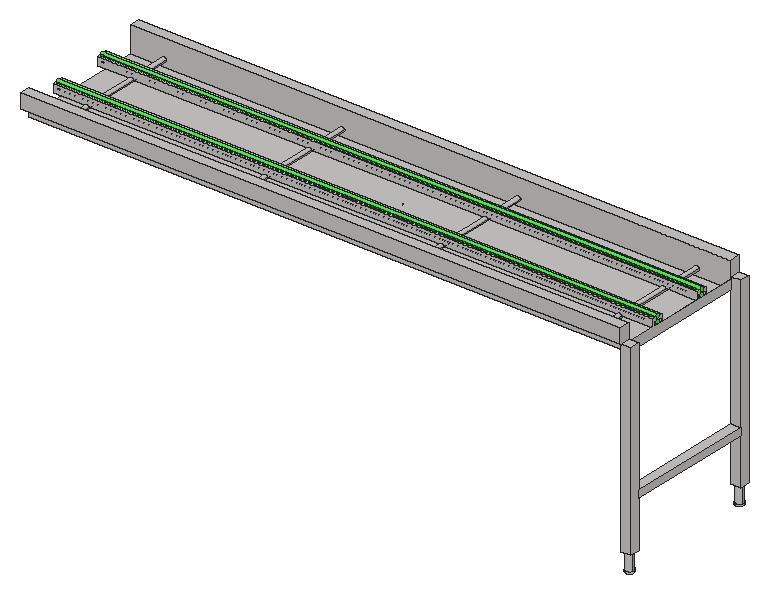
Revit family "QF_ELECTROLUXPROFESSIONAL_863163_HSBCC25", category Specialty Equipment, Revit 2018
Family settings
  Round Connector Dimension = Use Diameter
  Part Type = Normal
  Work Plane-Based = No
  Always vertical = Yes
  Cut with Voids When Loaded = No
  Shared = No
  Room Calculation Point = No
Parameters
  Weight = 0.00 kg
  Watts = 0 W
  Volts = 0 V
  URL Manufacturer = "http://professional.electrolux.com"
  URL = "http://professional.electrolux.com"
  Steam Supply Size = 0 mm
  Steam Supply Minimum Pressure = 0.0 Pa
  Steam Supply Maximum Pressure = 0.0 Pa
  Steam Pounds per Hour = 0
  Refrigeration Suction Line Size = 0 mm
  Refrigeration Liquid Line Size = 0 mm
  Refrigerant Compressor Remote = yes
  Manufacturer = "Electrolux"
  Phase = 0
  Model = "HSBCC25"
  Length Actual = 2500 mm  # constant formula
  Item Number = "863163"
  Hot Water Size = 0 mm
  Height Actual = 910 mm  # constant formula
  HP = "0 HP"
  Gas Size = 0 mm
  Gas KW = 0
  Gas Input Pressure = 0 W
  Description = "CORD CONVEYOR FOR BASKETS, L=2500 MM"
  Depth Actual = 620 mm  # constant formula
  Cycle = 0 Hz
  Condensate Return Size = 0 mm
  Compressed Air Volume = 0.0 L/s
  Compressed Air Size = 0 mm
  Compressed Air Pressure = 0.0 Pa
  Cold Water Size = 0 mm
  Accessory = yes
Reference planes
  plane 1 "Centro (Fronte/Retro)": y = 74.737
  plane 2: z = 0
  plane 3 "LEFT": x = -2938.761
  plane 4 "BACK": y = 384.737
  plane 5 "FRONT": y = -235.263
  plane 6: z = 910
  plane 7 "RIGHT": x = -438.761
  plane 8: x = -1688.761
Forms (mm)
  Extrusion 1, solid, material "QF_Finishes_Stainless Steel"
    sketch origin (11.239, 0, 0) x (0, 1, 0) y (0, 0, 1)
      loop
        line (-235.263, 910) -> (-235.263, 850.033) -> (-190.242, 850.033) -> (-190.242, 910) -> (-235.263, 910)
      loop
        line (384.737, 910) -> (339.716, 910) -> (339.716, 850.033) -> (384.737, 850.033) -> (384.737, 910)
    from -2950 to -451.2
  Extrusion 2, solid, material "QF_Finishes_Stainless Steel"
    sketch origin (11.239, 0, 0) x (0, 1, 0) y (0, 0, 1)
      loop
        line (-191.727, 850.033) -> (-191.727, 800.081) -> (341.245, 800.081) -> (341.245, 850.033) -> (339.716, 850.033) -> (339.716, 803.081) -> (-190.242, 803.081) -> (-190.242, 850.033) -> (-191.727, 850.033)
    from -2950 to -451.2
  Extrusion 3, solid, material "QF_Finishes_Stainless Steel"
    sketch origin (1061.239, 723.253, 4000) x (0, 1, 0) y (0, 0, 1)
      loop
        line (-958.516, -3090) -> (-958.516, -3149.967) -> (-934.752, -3185.632) -> (-915.4, -3185.632) -> (-915.4, -3199.919) -> (-381.633, -3199.919) -> (-381.633, -3185.632) -> (-362.281, -3185.632) -> (-338.516, -3149.967) -> (-338.516, -3090) -> (-383.538, -3090) -> (-383.538, -3161.926) -> (-913.495, -3161.926) -> (-913.495, -3090) -> (-958.516, -3090)
    from -1500 to -1501.2
  Extrusion 4, solid, material "QF_Finishes_Stainless Steel"
    sketch origin (-1477.522, 74.737, 0) x (-1, 0, 0) y (0, 0, -1)
      loop
        line (-1079.929, -300) -> (-1039.929, -300) -> (-1039.929, -270) -> (-1079.929, -270) -> (-1079.929, -300)
    from -266.504 to 266.46
  Revolve 5, solid, material "QF_Finishes_Stainless Steel"
    sketch origin (0, 74.737, 0) x (1, 0, 0) y (0, 0, 1)
      loop
        line (-1765.255, 800.081) -> (-1765.255, 786.333)
        arc (-1765.255, 786.333) -> (-1764.651, 784.73) -> (-1763.151, 783.903) r 2.474
        arc (-1763.151, 783.903) -> (-1759.843, 780.044) -> (-1763.138, 776.173) r 3.913
        arc (-1763.138, 776.173) -> (-1764.648, 775.341) -> (-1765.255, 773.728) r 2.49
        line (-1765.255, 773.728) -> (-1765.255, 733.404)
        arc (-1765.255, 733.404) -> (-1754.605, 702.706) -> (-1727.218, 685.219) r 49.516
        line (-1727.218, 685.219) -> (-1727.218, 682.73) -> (-1726.011, 681.079) -> (-1726.011, 679.492) -> (-1712.231, 673.492) -> (-1712.231, 638.761) -> (-1710.707, 637.3) -> (-1688.761, 637.3) -> (-1688.761, 800.081) -> (-1765.255, 800.081)
      axis (-1688.761, 800.081) -> (-1688.761, 637.3)
    angle from 0 to 360
  Extrusion 6, solid, material "QF_Finishes_Stainless Steel"
    sketch origin (0, 74.737, 0) x (1, 0, 0) y (0, 0, 1)
      loop
        circle (-2798.761, 831.05) r 8.5
    from -265 to 264.979
  Extrusion 7, solid, material "QF_Finishes_Stainless Steel"
    sketch origin (2140, 74.737, 0) x (1, 0, 0) y (0, 0, 1)
      loop
        circle (-2718.761, 831.05) r 8.5
    from -265 to 265
  Extrusion 8, solid, material "QF_Finishes_Stainless Steel"
    sketch origin (-438.761, 0, 0) x (0, 1, 0) y (0, 0, 1)
      loop
        line (-62.763, 869.045) -> (-62.763, 835.05) -> (-60.363, 835.05) -> (-60.363, 857.845) -> (-19.763, 857.845) -> (-19.763, 835.05) -> (-17.763, 835.05) -> (-17.763, 869.045) -> (-30.056, 869.045) -> (-35.275, 860.005) -> (-45.251, 860.005) -> (-50.47, 869.045) -> (-62.763, 869.045)
      loop
        line (212.237, 869.045) -> (199.944, 869.045) -> (194.725, 860.005) -> (184.749, 860.005) -> (179.53, 869.045) -> (167.237, 869.045) -> (167.237, 835.05) -> (169.237, 835.05) -> (169.237, 857.845) -> (209.837, 857.845) -> (209.837, 835.05) -> (212.237, 835.05) -> (212.237, 869.045)
    from 0 to -2500
  Extrusion 9, solid, material "QF_Finishes_Green"
    sketch origin (-438.761, 0, 0) x (0, 1, 0) y (0, 0, 1)
      loop
        circle (-40.263, 868.505) r 7.5
      loop
        circle (-40.263, 848.505) r 7.5
      loop
        circle (189.737, 868.505) r 7.5
      loop
        circle (189.737, 848.505) r 7.5
    from 0 to -2500
  Extrusion 10, solid, material "QF_Finishes_Stainless Steel"
    sketch origin (145, 74.737, 0) x (1, 0, 0) y (0, 0, 1)
      loop
        circle (-2200.928, 831.05) r 8.5
      loop
        circle (-1466.594, 831.05) r 8.5
    from -265 to 264.979
Cuts and joins
  joined: Extrusion 1, Extrusion 2, Extrusion 3, Extrusion 6, Extrusion 7, Extrusion 8, Extrusion 10
Lines and regions (mm)
  Split face 1
    outline origin (-1223.782, -239.063, 803.081) x (0, 1, 0) y (-1, 0, 0)
      loop
        circle (313.8, 464.979) r 3
  Split face 2
    outline origin (-1223.782, -239.063, 803.081) x (0, 1, 0) y (-1, 0, 0)
      loop
        circle (313.8, 464.979) r 9
  Split face 3
    outline origin (-1223.782, -239.063, 803.081) x (0, 1, 0) y (-1, 0, 0)
      loop
        circle (313.8, 464.979) r 26
  Split face 4
    outline origin (-1223.782, -239.063, 803.081) x (0, 1, 0) y (-1, 0, 0)
      loop
        circle (313.8, 464.979) r 36
  Split face 5
    outline origin (-1223.782, -239.063, 803.081) x (0, 1, 0) y (-1, 0, 0)
      loop
        circle (313.8, 464.979) r 53
  symbolic lines
    curve 1: line (-438.761, 384.737, 0) -> (-2938.761, 384.737, 0)
    curve 2: line (-2938.761, 384.737, 0) -> (-2938.761, -235.263, 0)
    curve 3: line (-2938.761, 339.716, 0) -> (-438.761, 339.716, 0)
    curve 4: line (-2938.761, -235.263, 0) -> (-438.761, -235.263, 0)
    curve 5: line (-438.761, -235.263, 0) -> (-438.761, 384.737, 0)
    curve 6: line (-438.761, -190.242, 0) -> (-2938.761, -190.242, 0)
    curve 7: line (-2938.761, 74.737, 0) -> (-2908.761, 74.737, 0)
    curve 8: line (-438.761, 74.737, 0) -> (-468.761, 74.737, 0)
    curve 9: circle (-1688.761, 74.737, 0) r 23.47 normal (0, 0, 1)
    curve 10: line (-438.761, 212.237, 0) -> (-2938.761, 212.237, 0)
    curve 11: line (-2938.761, 167.237, 0) -> (-438.761, 167.237, 0)
    curve 12: line (-438.761, -17.763, 0) -> (-2938.761, -17.763, 0)
    curve 13: line (-2938.761, -62.763, 0) -> (-438.761, -62.763, 0)
    curve 14: line (-2938.761, -47.763, 0) -> (-438.761, -47.763, 0)
    curve 15: line (-2938.761, -32.763, 0) -> (-438.761, -32.763, 0)
    curve 16: line (-2938.761, 197.237, 0) -> (-438.761, 197.237, 0)
    curve 17: line (-2938.761, 182.237, 0) -> (-438.761, 182.237, 0)
    curve 18: line (-2807.261, 339.716, 0) -> (-2807.261, 212.237, 0)
    curve 19: line (-2790.261, 339.716, 0) -> (-2790.261, 212.237, 0)
    curve 20: line (-2790.261, 167.237, 0) -> (-2790.261, -17.763, 0)
    curve 21: line (-2807.261, 167.237, 0) -> (-2807.261, -17.763, 0)
    curve 22: line (-2807.261, -62.763, 0) -> (-2807.261, -190.242, 0)
    curve 23: line (-2790.261, -62.763, 0) -> (-2790.261, -190.242, 0)
    curve 24: line (-587.261, 339.716, 0) -> (-587.261, 212.237, 0)
    curve 25: line (-570.261, 339.716, 0) -> (-570.261, 212.237, 0)
    curve 26: line (-570.261, 167.237, 0) -> (-570.261, -17.763, 0)
    curve 27: line (-587.261, 167.237, 0) -> (-587.261, -17.763, 0)
    curve 28: line (-587.261, -62.763, 0) -> (-587.261, -190.242, 0)
    curve 29: line (-570.261, -62.763, 0) -> (-570.261, -190.242, 0)
    curve 30: line (-2064.428, 339.716, 0) -> (-2064.428, 212.237, 0)
    curve 31: line (-2047.428, 339.716, 0) -> (-2047.428, 212.237, 0)
    curve 32: line (-2047.428, 167.237, 0) -> (-2047.428, -17.763, 0)
    curve 33: line (-2064.428, 167.237, 0) -> (-2064.428, -17.763, 0)
    curve 34: line (-2064.428, -62.763, 0) -> (-2064.428, -190.242, 0)
    curve 35: line (-2047.428, -62.763, 0) -> (-2047.428, -190.242, 0)
    curve 36: line (-1330.094, 339.716, 0) -> (-1330.094, 212.237, 0)
    curve 37: line (-1313.094, 339.716, 0) -> (-1313.094, 212.237, 0)
    curve 38: line (-1313.094, 167.237, 0) -> (-1313.094, -17.763, 0)
    curve 39: line (-1330.094, 167.237, 0) -> (-1330.094, -17.763, 0)
    curve 40: line (-1330.094, -62.763, 0) -> (-1330.094, -190.242, 0)
    curve 41: line (-1313.094, -62.763, 0) -> (-1313.094, -190.242, 0)
Dimensions and locks
  plane 3 "LEFT" to plane 7 "RIGHT" = 2500 mm
  equal spacing: plane 4 "BACK", plane 1 "Centro (Fronte/Retro)", plane 5 "FRONT"
  plane 4 "BACK" to plane 5 "FRONT" = 620 mm
  equal spacing: plane 3 "LEFT", plane 8, plane 7 "RIGHT"
  locked: Extrusion 6 sketch curve to plane 3 "LEFT" at 140
  locked: plane 7 "RIGHT" to Extrusion 7 sketch curve at 140
  aligned and locked: level to plane 2
  aligned and locked: curve 9 to Revolve 5
  aligned and locked: plane 8 to Split face 5  (x2)
  aligned and locked: plane 8 to Split face 4  (x2)
  aligned and locked: plane 8 to cut or joined group of Extrusion 1, Extrusion 2, Extrusion 3, Extrusion 6, Extrusion 7, Extrusion 8, Extrusion 10  (x4)
  aligned and locked: plane 8 to Split face 3  (x2)
  aligned and locked: plane 8 to Split face 2  (x2)
  aligned and locked: plane 8 to Split face 1  (x2)
  aligned and locked: Extrusion 2 to plane 3 "LEFT"
  aligned and locked: Extrusion 1 to plane 3 "LEFT"
  aligned and locked: Extrusion 8 to plane 3 "LEFT"
  aligned and locked: cut or joined group of Extrusion 1, Extrusion 2, Extrusion 3, Extrusion 6, Extrusion 7, Extrusion 8, Extrusion 10 to plane 3 "LEFT"  (x2)
  aligned and locked: plane 3 "LEFT" to curve 6
  aligned and locked: plane 3 "LEFT" to curve 4
  aligned and locked: Extrusion 9 to plane 3 "LEFT"
Automatic sketch dimensions
  Extrusion 1 sketch curve to plane 5 "FRONT" = 0 mm
  Extrusion 1 sketch curve to plane 6 = 0 mm  (x2)
  Extrusion 1 sketch curve to plane 4 "BACK" = 0 mm
  plane 5 "FRONT" to Extrusion 1 sketch curve = 45.021 mm
  Extrusion 1 sketch curve to plane 4 "BACK" = 45.021 mm
  Extrusion 1 sketch curve to Extrusion 1 sketch curve = 59.967 mm  (x2)
  plane 5 "FRONT" to Extrusion 2 sketch curve = 43.536 mm
  Extrusion 2 sketch curve to Extrusion 2 sketch curve = 1.486 mm
  Extrusion 2 sketch curve to plane 4 "BACK" = 45.021 mm
  Extrusion 2 sketch curve to Extrusion 2 sketch curve = 1.529 mm
  Extrusion 2 sketch curve to plane 6 = 109.919 mm
  Extrusion 2 sketch curve to Extrusion 2 sketch curve = 3 mm
  Extrusion 2 sketch curve to Extrusion 2 sketch curve = 46.952 mm  (x2)
  Extrusion 3 sketch curve to plane 5 "FRONT" = 0 mm
  Extrusion 3 sketch curve to plane 6 = 0 mm  (x2)
  Extrusion 3 sketch curve to plane 4 "BACK" = 0 mm
  plane 5 "FRONT" to Extrusion 3 sketch curve = 23.764 mm
  Extrusion 3 sketch curve to Extrusion 3 sketch curve = 19.352 mm  (x2)
  plane 5 "FRONT" to Extrusion 3 sketch curve = 45.021 mm
  Extrusion 3 sketch curve to plane 4 "BACK" = 45.021 mm
  Extrusion 3 sketch curve to Extrusion 3 sketch curve = 1.905 mm
  Extrusion 3 sketch curve to Extrusion 3 sketch curve = 59.967 mm  (x2)
  Extrusion 3 sketch curve to Extrusion 3 sketch curve = 11.959 mm
  Extrusion 3 sketch curve to Extrusion 3 sketch curve = 23.706 mm  (x2)
  Extrusion 3 sketch curve to Extrusion 3 sketch curve = 14.287 mm
  Extrusion 4 sketch curve to plane 7 "RIGHT" = 41.168 mm
  Extrusion 4 sketch curve to plane 7 "RIGHT" = 1.168 mm
  Extrusion 4 sketch curve to level = 270 mm
  Extrusion 4 sketch curve to Extrusion 4 sketch curve = 30 mm
  Extrusion 6 sketch curve to plane 6 = 78.95 mm
  Extrusion 7 sketch curve to plane 6 = 78.95 mm
  plane 1 "Centro (Fronte/Retro)" to Extrusion 8 sketch curve = 137.5 mm
  Extrusion 8 sketch curve to Extrusion 8 sketch curve = 2.4 mm  (x2)
  Extrusion 8 sketch curve to plane 6 = 40.955 mm  (x3)
  Extrusion 8 sketch curve to Extrusion 8 sketch curve = 12.293 mm  (x2)
  Extrusion 8 sketch curve to Extrusion 8 sketch curve = 5.219 mm  (x4)
  Extrusion 8 sketch curve to Extrusion 8 sketch curve = 9.976 mm  (x2)
  Extrusion 8 sketch curve to Extrusion 8 sketch curve = 10.293 mm
  Extrusion 8 sketch curve to Extrusion 8 sketch curve = 2 mm  (x2)
  Extrusion 8 sketch curve to plane 1 "Centro (Fronte/Retro)" = 92.5 mm
  Extrusion 8 sketch curve to plane 6 = 49.995 mm
  Extrusion 8 sketch curve to Extrusion 8 sketch curve = 9.893 mm
  Extrusion 8 sketch curve to Extrusion 8 sketch curve = 11.2 mm
  Extrusion 8 sketch curve to Extrusion 8 sketch curve = 2.16 mm
  Extrusion 8 sketch curve to Extrusion 8 sketch curve = 22.795 mm  (x4)
  Extrusion 8 sketch curve to Extrusion 8 sketch curve = 9.04 mm  (x2)
  plane 1 "Centro (Fronte/Retro)" to Extrusion 9 sketch curve = 115 mm
  Extrusion 9 sketch curve to Extrusion 9 sketch curve = 0 mm  (x2)
  Extrusion 9 sketch curve to plane 1 "Centro (Fronte/Retro)" = 115 mm
  Extrusion 9 sketch curve to plane 6 = 61.495 mm  (x2)
  Extrusion 9 sketch curve to Extrusion 9 sketch curve = 20 mm  (x2)
  plane 1 "Centro (Fronte/Retro)" to curve 7 = 0 mm
  plane 1 "Centro (Fronte/Retro)" to curve 8 = 0 mm
  curve 15 to plane 7 "RIGHT" = 0 mm
  curve 4 to plane 5 "FRONT" = 0 mm
  curve 2 to plane 4 "BACK" = 0 mm
  plane 3 "LEFT" to curve 7 = 30 mm
  curve 18 to plane 4 "BACK" = 45.021 mm
  plane 3 "LEFT" to curve 18 = 131.5 mm
  plane 5 "FRONT" to curve 22 = 45.021 mm
  plane 3 "LEFT" to curve 22 = 131.5 mm
  curve 21 to curve 18 = 0 mm
  curve 18 to curve 19 = 17 mm
  curve 21 to curve 20 = 17 mm
  curve 22 to curve 23 = 17 mm
  curve 33 to plane 1 "Centro (Fronte/Retro)" = 92.5 mm
  curve 33 to plane 8 = 375.667 mm
  curve 34 to curve 33 = 0 mm
  curve 30 to curve 33 = 0 mm
  curve 34 to curve 35 = 17 mm
  curve 30 to curve 31 = 17 mm
  curve 33 to curve 32 = 17 mm
  curve 36 to plane 1 "Centro (Fronte/Retro)" = 137.5 mm
  plane 8 to curve 36 = 358.667 mm
  plane 8 to curve 40 = 358.667 mm
  curve 39 to curve 40 = 0 mm
  curve 36 to curve 37 = 17 mm
  curve 39 to curve 38 = 17 mm
  curve 40 to curve 41 = 17 mm
  curve 28 to plane 7 "RIGHT" = 148.5 mm
  curve 24 to plane 7 "RIGHT" = 148.5 mm
  curve 27 to curve 28 = 0 mm
  curve 27 to curve 26 = 17 mm
  curve 24 to curve 25 = 17 mm
  curve 28 to curve 29 = 17 mm
  curve 8 to plane 7 "RIGHT" = 30 mm
  curve 35 to curve 35 = 127.479 mm
  curve 13 to curve 14 = 15 mm
  curve 14 to curve 15 = 15 mm
  curve 15 to curve 12 = 15 mm
  curve 11 to curve 17 = 15 mm
  curve 16 to curve 10 = 15 mm
  Revolve 5 sketch curve to plane 8 = 0 mm  (x2)
  Revolve 5 sketch curve to Revolve 5 sketch curve = 21.946 mm
  Revolve 5 sketch curve to Revolve 5 sketch curve = 1.524 mm
  Revolve 5 sketch curve to plane 8 = 26.978 mm
  Revolve 5 sketch curve to Revolve 5 sketch curve = 13.78 mm
  Revolve 5 sketch curve to Revolve 5 sketch curve = 1.206 mm
  Revolve 5 sketch curve to Revolve 5 sketch curve = 47.026 mm
  Revolve 5 sketch curve to Revolve 5 sketch curve = 0.016 mm  (x3)
  Revolve 5 sketch curve to Revolve 5 sketch curve = 0.976 mm
  Revolve 5 sketch curve to Revolve 5 sketch curve = 2.474 mm
  Revolve 5 sketch curve to Revolve 5 sketch curve = 2.49 mm
  Revolve 5 sketch curve to Revolve 5 sketch curve = 0 mm
  Revolve 5 sketch curve to plane 6 = 272.7 mm
  Revolve 5 sketch curve to Revolve 5 sketch curve = 1.461 mm
  Revolve 5 sketch curve to Revolve 5 sketch curve = 34.731 mm
  Revolve 5 sketch curve to Revolve 5 sketch curve = 6 mm
  Revolve 5 sketch curve to Revolve 5 sketch curve = 1.588 mm
  Revolve 5 sketch curve to Revolve 5 sketch curve = 1.651 mm
  Revolve 5 sketch curve to Revolve 5 sketch curve = 2.488 mm
  Revolve 5 sketch curve to Revolve 5 sketch curve = 48.167 mm
  Revolve 5 sketch curve to Revolve 5 sketch curve = 40.307 mm
  Revolve 5 sketch curve to Revolve 5 sketch curve = 6.326 mm
  Revolve 5 sketch curve to Revolve 5 sketch curve = 6.296 mm
  Revolve 5 sketch curve to Revolve 5 sketch curve = 13.748 mm
  Revolve 5 sketch curve to Revolve 5 sketch curve = 0.373 mm
  Revolve 5 sketch curve to Revolve 5 sketch curve = 38.557 mm
  plane 6 to Revolve 5 sketch curve = 8.743 mm
  cut or joined group of Extrusion 1, Extrusion 2, Extrusion 3, Extrusion 6, Extrusion 7, Extrusion 8, Extrusion 10 to Split face 1 sketch curve = 264.979 mm
  cut or joined group of Extrusion 1, Extrusion 2, Extrusion 3, Extrusion 6, Extrusion 7, Extrusion 8, Extrusion 10 to Split face 1 sketch curve = 1248.8 mm
  cut or joined group of Extrusion 1, Extrusion 2, Extrusion 3, Extrusion 6, Extrusion 7, Extrusion 8, Extrusion 10 to Split face 2 sketch curve = 264.979 mm
  cut or joined group of Extrusion 1, Extrusion 2, Extrusion 3, Extrusion 6, Extrusion 7, Extrusion 8, Extrusion 10 to Split face 2 sketch curve = 1248.8 mm
  cut or joined group of Extrusion 1, Extrusion 2, Extrusion 3, Extrusion 6, Extrusion 7, Extrusion 8, Extrusion 10 to Split face 3 sketch curve = 264.979 mm
  cut or joined group of Extrusion 1, Extrusion 2, Extrusion 3, Extrusion 6, Extrusion 7, Extrusion 8, Extrusion 10 to Split face 3 sketch curve = 1248.8 mm
  cut or joined group of Extrusion 1, Extrusion 2, Extrusion 3, Extrusion 6, Extrusion 7, Extrusion 8, Extrusion 10 to Split face 4 sketch curve = 264.979 mm
  cut or joined group of Extrusion 1, Extrusion 2, Extrusion 3, Extrusion 6, Extrusion 7, Extrusion 8, Extrusion 10 to Split face 4 sketch curve = 1248.8 mm
  cut or joined group of Extrusion 1, Extrusion 2, Extrusion 3, Extrusion 6, Extrusion 7, Extrusion 8, Extrusion 10 to Split face 5 sketch curve = 264.979 mm
  cut or joined group of Extrusion 1, Extrusion 2, Extrusion 3, Extrusion 6, Extrusion 7, Extrusion 8, Extrusion 10 to Split face 5 sketch curve = 1248.8 mm
  Extrusion 10 sketch curve to plane 6 = 78.95 mm  (x2)
  Extrusion 10 sketch curve to plane 8 = 367.167 mm
  plane 8 to Extrusion 10 sketch curve = 367.167 mm
  radius of Extrusion 6 sketch curve = 8.5 mm
  radius of Extrusion 7 sketch curve = 8.5 mm
  radius of Extrusion 9 sketch curve = 7.5 mm  (x4)
  radius of Split face 1 sketch curve = 3 mm
  radius of Split face 2 sketch curve = 9 mm
  radius of Split face 3 sketch curve = 26 mm
  radius of Split face 4 sketch curve = 36 mm
  radius of Split face 5 sketch curve = 53 mm
  radius of Extrusion 10 sketch curve = 8.5 mm  (x2)
Nested families
  nested 1: "Foot_40x40" at (-417.593, 361.245, 0) x (-1, 0, 0) z (0, 0, 1), type "Foot_40x40"
    with A 850.033 mm
  nested 2: "Foot_40x40" at (-417.593, -211.771, 0) x (-1, 0, 0) z (0, 0, 1), type "Foot_40x40"
    with A 850.033 mm
Connectors
  piping at (-1688.761, 74.737, 637.3), diameter 40
    settings: on Revolve 5, index 1, connector inside diameter 609.6 mm, connector length 0 mm, flow factor 0, pipe flow 0.0 L/s, pressure drop 0.0 Pa, fitting loss kfactor 0, connector angle 0.00°, fixture units 0, engagement length 0 mm, angle of deflection 0.00°, flow configuration 1, flow direction 2, fitting loss method 0, system type 16, joint type 0, gender type 0, connector reference index -1, connector utility 0, adjustable connector no, is connector primary yes, connector description "Drain"
Definition of nested family "Foot_40x40"
  Parameters
    A [instance] = 850 mm
  Reference planes
    plane 1 "Centro (Fronte/Retro)": y = 0
    plane 2: z = 0
    plane 3 "Centro (Sinistra/Destra)": x = 0
    plane 4: z = 850
  Forms (mm)
    Extrusion 1, solid
      sketch origin (0, 0, 0) x (1, 0, 0) y (0, 1, 0)
        loop
          circle (0, 0) r 18
      from 0 to 5
    Extrusion 2, solid
      sketch origin (0, 0, 5) x (1, 0, 0) y (0, 1, 0)
        loop
          circle (0, 0) r 15
      from 0 to 70
    Extrusion 3, solid
      sketch origin (0, 0, 75) x (1, 0, 0) y (0, 1, 0)
        loop
          line (-20, 20) -> (-20, -20) -> (20, -20) -> (20, 20) -> (-20, 20)
      from 0 to 775
  Dimensions and locks
    "A": plane 4 to plane 2
    aligned and locked: level to plane 2
    aligned and locked: plane 4 to Extrusion 3
    aligned and locked: Extrusion 1 to level
  Automatic sketch dimensions
    plane 1 "Centro (Fronte/Retro)" to Extrusion 1 sketch curve = 0 mm
    Extrusion 1 sketch curve to plane 3 "Centro (Sinistra/Destra)" = 0 mm
    Extrusion 3 sketch curve to Extrusion 3 sketch curve = 40 mm  (x2)
    radius of Extrusion 1 sketch curve = 18 mm
    radius of Extrusion 2 sketch curve to Extrusion 1 = 3 mm
